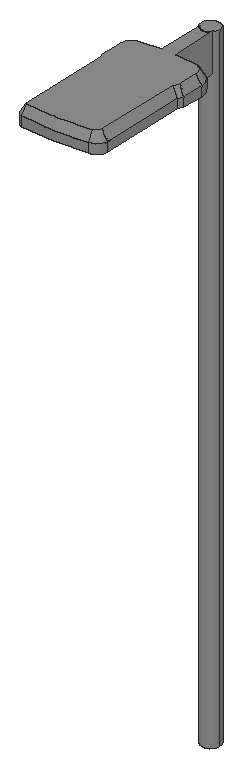
Revit family "VP-3-AD_U", category Lighting Fixtures, host Face, Revit 2019 (continued)
Definition of nested family "SIZE3-ADU"
  Forms (in)
    Extrusion 49, void
      sketch origin (0, 0, 3.625) x (1, 0, 0) y (0, 0, 1)
        loop
          line (-6.85535, 8.24972) -> (-6.85535, 7.97854)
          arc (-6.85535, 7.97854) -> (-0.06712, 6.63595) -> (6.73035, 7.93095) r 18.15382
          line (6.73035, 7.93095) -> (6.73035, 8.20243)
          arc (6.73035, 8.20243) -> (-0.06706, 6.91477) -> (-6.85535, 8.24972) r 18.25
        loop
          line (-6.85535, 7.49972) -> (-6.85535, 7.22854)
          arc (-6.85535, 7.22854) -> (-0.06712, 5.88595) -> (6.73035, 7.18095) r 18.15382
          line (6.73035, 7.18095) -> (6.73035, 7.45243)
          arc (6.73035, 7.45243) -> (-0.06706, 6.16477) -> (-6.85535, 7.49972) r 18.25
      from 1 to 1.75
    Blend 50, solid, material <- "Fixture"
      base sketch origin (0, 0, 0) x (1, 0, 0) y (0, 0, 1)
        loop
          arc (-6.75192, 33.95884) -> (-7.48558, 33.52919) -> (-7.77472, 32.72966) r 1.25
          line (-7.77472, 32.72966) -> (-7.77472, 15.72202) -> (-8.18, 14.67799) -> (-8.18, 10.64521)
          arc (-8.18, 10.64521) -> (-7.52407, 8.68733) -> (-5.82104, 7.51974) r 3.25
          arc (-5.82104, 7.51974) -> (-2.92086, 7.15165) -> (0, 7.02866) r 34.74571
          arc (0, 7.02866) -> (2.92086, 7.15165) -> (5.82104, 7.51974) r 34.74571
          arc (5.82104, 7.51974) -> (7.52407, 8.68733) -> (8.18, 10.64521) r 3.25
          line (8.18, 10.64521) -> (8.18, 14.67799) -> (7.7425, 15.80502) -> (7.7425, 32.05879)
          arc (7.7425, 32.05879) -> (7.16964, 33.45997) -> (5.77922, 34.05846) r 2
          arc (5.77922, 34.05846) -> (-0.48981, 34.44343) -> (-6.75192, 33.95884) r 45.36519
      top sketch origin (0, 0, 0) x (1, 0, 0) y (0, 0, 1)
        loop
          arc (5.71398, 33.05839) -> (-0.43659, 33.4438) -> (-6.58122, 32.97319) r 44.36519
          arc (-6.58122, 32.97319) -> (-6.72046, 32.88519) -> (-6.77472, 32.72966) r 0.25
          line (-6.77472, 32.72966) -> (-6.77472, 15.53474) -> (-7.18, 14.49071) -> (-7.18, 10.64521)
          arc (-7.18, 10.64521) -> (-6.74089, 9.30985) -> (-5.59495, 8.49571) r 2.25
          arc (-5.59495, 8.49571) -> (-2.89422, 8.15301) -> (-0.17465, 8.02912) r 33.74571
          arc (-0.17465, 8.02912) -> (2.72017, 8.13848) -> (5.59495, 8.49571) r 33.74571
          arc (5.59495, 8.49571) -> (6.74089, 9.30985) -> (7.18, 10.64521) r 2.25
          line (7.18, 10.64521) -> (7.18, 14.49071) -> (6.7425, 15.61774) -> (6.7425, 32.05879)
          arc (6.7425, 32.05879) -> (6.43945, 32.77591) -> (5.71398, 33.05839) r 1
      from 0 to -1.74
    Extrusion 51, solid, material <- "Fixture"
      sketch origin (0, 0.02117, 0.62466) x (0, 1, 0) y (0, 0, 1)
        loop
          line (1.71883, 7.93918) -> (-1.76117, 7.93918) -> (-1.76117, 5.73801)
          arc (-1.76117, 5.73801) -> (-1.94242, 4.58628) -> (-2.46863, 3.54588) r 3.75
          line (-2.46863, 3.54588) -> (-5.31007, 1.22439)
          arc (-5.31007, 1.22439) -> (-5.39997, 1.10958) -> (-5.432, 0.96732) r 0.33196
          line (-5.432, 0.96732) -> (-5.432, -1.406) -> (-2.86955, -1.406) -> (1.71883, -1.406) -> (1.71883, 7.93918)
      from -1.24 to 1.24
  Cuts and joins
    Extrusion 3, Extrusion 49 cuts Extrusion 2
    joined: Blend 50, Extrusion 51
  Dimensions and locks (in)
    equal spacing: plane 4, plane 3 "Center (Left/Right)", plane 5
    "Width": plane 4 to plane 5
    "Length": plane 7 to plane 6
    "Mount Length": plane 6 to plane 2
    aligned and locked: plane 2 to Extrusion 1
    aligned and locked: level to Extrusion 1
    aligned and locked: plane 1 "Center (Front/Back)" to Blend 50
  Automatic sketch dimensions
    Extrusion 1 sketch curve to Extrusion 1 sketch curve = 96.00"  (x2)
    Extrusion 2 sketch curve to plane 3 "Center (Left/Right)" = 0.00"
    Extrusion 2 sketch curve to plane 3 "Center (Left/Right)" = 0.12919"
    plane 5 to Extrusion 2 sketch curve = 3.125"
    plane 5 to Extrusion 2 sketch curve = 1.53028"
    plane 5 to Extrusion 2 sketch curve = 0.28028"
    Extrusion 2 sketch curve to plane 5 = 0.125"
    Extrusion 2 sketch curve to plane 4 = 3.125"
    Extrusion 2 sketch curve to plane 4 = 2.3125"
    Extrusion 2 sketch curve to plane 4 = 0.3125"
    plane 4 to Extrusion 2 sketch curve = 0.125"
    Extrusion 2 sketch curve to level = 10.92033"
    plane 6 to Extrusion 2 sketch curve = 3.14521"
    Extrusion 2 sketch curve to Extrusion 2 sketch curve = 0.00"
    Extrusion 2 sketch curve to Extrusion 2 sketch curve = 4.03278"  (x2)
    Extrusion 2 sketch curve to Extrusion 2 sketch curve = 1.04403"
    Extrusion 2 sketch curve to Extrusion 2 sketch curve = 1.12703"
    Extrusion 2 sketch curve to plane 7 = 2.41121"
    Extrusion 2 sketch curve to Extrusion 2 sketch curve = 0.67087"
    plane 7 to Extrusion 2 sketch curve = 7.30438"
    plane 6 to Extrusion 2 sketch curve = 0.01974"
    Extrusion 2 sketch curve to plane 7 = 0.51116"
    plane 5 to Extrusion 3 sketch curve = 1.27892"
    plane 3 "Center (Left/Right)" to Extrusion 3 sketch curve = 0.06506"
    Extrusion 3 sketch curve to plane 4 = 1.125"
    Extrusion 3 sketch curve to level = 39.4018"
    plane 6 to Extrusion 3 sketch curve = 7.63674"
    Extrusion 3 sketch curve to plane 7 = 2.31818"
    plane 5 to Extrusion 4 sketch curve = 2.15013"
    Extrusion 4 sketch curve to Extrusion 4 sketch curve = 0.35"  (x3)
    Extrusion 4 sketch curve to plane 4 = 2.50013"  (x2)
    Extrusion 4 sketch curve to plane 7 = 7.81818"
    Extrusion 4 sketch curve to plane 7 = 2.66818"
    plane 5 to Extrusion 5 sketch curve = 3.08171"
    Extrusion 5 sketch curve to Extrusion 5 sketch curve = 0.00"  (x61)
    Extrusion 5 sketch curve to Extrusion 5 sketch curve = 0.51875"  (x27)
    Extrusion 5 sketch curve to plane 7 = 7.01806"
    Extrusion 5 sketch curve to Extrusion 5 sketch curve = 0.50"  (x72)
    plane 5 to Extrusion 6 sketch curve = 2.39345"
    Extrusion 6 sketch curve to Extrusion 6 sketch curve = 0.25"  (x3)
    Extrusion 6 sketch curve to plane 3 "Center (Left/Right)" = 0.54655"  (x2)
    Extrusion 6 sketch curve to plane 7 = 7.5141"
    Extrusion 6 sketch curve to plane 7 = 2.7641"
    Extrusion 7 sketch curve to plane 4 = 1.99807"
    Extrusion 7 sketch curve to plane 8 = 0.46661"
    Extrusion 7 sketch curve to Extrusion 7 sketch curve = 0.02618"
    Extrusion 7 sketch curve to Extrusion 7 sketch curve = 0.1119"
    Extrusion 7 sketch curve to plane 8 = 0.03691"
    Extrusion 7 sketch curve to Extrusion 7 sketch curve = 0.36056"
    Extrusion 7 sketch curve to plane 8 = 0.00781"
    Extrusion 7 sketch curve to Extrusion 7 sketch curve = 0.06241"
    Extrusion 7 sketch curve to Extrusion 7 sketch curve = 0.42393"
    Extrusion 7 sketch curve to Extrusion 7 sketch curve = 0.73219"
    plane 4 to Extrusion 8 sketch curve = 3.08171"
    Extrusion 8 sketch curve to Extrusion 8 sketch curve = 0.00"  (x61)
    Extrusion 8 sketch curve to Extrusion 8 sketch curve = 0.51875"  (x27)
    plane 7 to Extrusion 8 sketch curve = 7.01806"
    Extrusion 8 sketch curve to Extrusion 8 sketch curve = 0.50"  (x72)
    plane 4 to Extrusion 9 sketch curve = 2.39345"
    Extrusion 9 sketch curve to Extrusion 9 sketch curve = 0.25"  (x3)
    Extrusion 9 sketch curve to plane 3 "Center (Left/Right)" = 0.54655"  (x2)
    plane 7 to Extrusion 9 sketch curve = 7.5141"
    plane 7 to Extrusion 9 sketch curve = 2.7641"
    plane 5 to Extrusion 10 sketch curve = 2.15013"
    Extrusion 10 sketch curve to Extrusion 10 sketch curve = 0.35"  (x3)
    Extrusion 10 sketch curve to plane 4 = 2.50013"  (x2)
    Extrusion 10 sketch curve to plane 7 = 13.31818"
    Extrusion 10 sketch curve to Extrusion 10 sketch curve = 4.80"
    plane 5 to Extrusion 11 sketch curve = 3.08171"
    Extrusion 11 sketch curve to Extrusion 11 sketch curve = 0.00"  (x61)
    Extrusion 11 sketch curve to Extrusion 11 sketch curve = 0.51875"  (x27)
    Extrusion 11 sketch curve to plane 7 = 12.51806"
    Extrusion 11 sketch curve to Extrusion 11 sketch curve = 0.50"  (x72)
    plane 5 to Extrusion 12 sketch curve = 2.39345"
    Extrusion 12 sketch curve to Extrusion 12 sketch curve = 0.25"  (x3)
    Extrusion 12 sketch curve to plane 3 "Center (Left/Right)" = 0.54655"  (x2)
    Extrusion 12 sketch curve to plane 7 = 13.0141"
    Extrusion 12 sketch curve to Extrusion 12 sketch curve = 4.50"
    plane 4 to Extrusion 13 sketch curve = 3.08171"
    Extrusion 13 sketch curve to Extrusion 13 sketch curve = 0.00"  (x61)
    Extrusion 13 sketch curve to Extrusion 13 sketch curve = 0.51875"  (x27)
    plane 7 to Extrusion 13 sketch curve = 12.51806"
    Extrusion 13 sketch curve to Extrusion 13 sketch curve = 0.50"  (x72)
    plane 4 to Extrusion 14 sketch curve = 2.39345"
    Extrusion 14 sketch curve to Extrusion 14 sketch curve = 0.25"  (x3)
    Extrusion 14 sketch curve to plane 3 "Center (Left/Right)" = 0.54655"  (x2)
    plane 7 to Extrusion 14 sketch curve = 13.0141"
    Extrusion 14 sketch curve to Extrusion 14 sketch curve = 4.50"
    Extrusion 15 sketch curve to plane 5 = 2.15013"
    Extrusion 15 sketch curve to Extrusion 15 sketch curve = 0.35"  (x3)
    plane 4 to Extrusion 15 sketch curve = 2.50013"  (x2)
    plane 7 to Extrusion 15 sketch curve = 13.31818"
    Extrusion 15 sketch curve to Extrusion 15 sketch curve = 4.80"
    Extrusion 16 sketch curve to plane 5 = 3.08171"
    Extrusion 16 sketch curve to Extrusion 16 sketch curve = 0.00"  (x61)
    Extrusion 16 sketch curve to Extrusion 16 sketch curve = 0.51875"  (x27)
    Extrusion 16 sketch curve to plane 6 = 12.8517"
    Extrusion 16 sketch curve to Extrusion 16 sketch curve = 0.50"  (x72)
    Extrusion 17 sketch curve to plane 5 = 2.39345"
    Extrusion 17 sketch curve to Extrusion 17 sketch curve = 0.25"  (x3)
    plane 3 "Center (Left/Right)" to Extrusion 17 sketch curve = 0.54655"  (x2)
    Extrusion 17 sketch curve to plane 6 = 13.34775"
    Extrusion 17 sketch curve to Extrusion 17 sketch curve = 4.50"
    Extrusion 18 sketch curve to plane 4 = 3.08171"
    Extrusion 18 sketch curve to Extrusion 18 sketch curve = 0.00"  (x61)
    Extrusion 18 sketch curve to Extrusion 18 sketch curve = 0.51875"  (x27)
    plane 6 to Extrusion 18 sketch curve = 12.8517"
    Extrusion 18 sketch curve to Extrusion 18 sketch curve = 0.50"  (x72)
    Extrusion 19 sketch curve to plane 4 = 2.39345"
    Extrusion 19 sketch curve to Extrusion 19 sketch curve = 0.25"  (x3)
    plane 3 "Center (Left/Right)" to Extrusion 19 sketch curve = 0.54655"  (x2)
    plane 6 to Extrusion 19 sketch curve = 13.34775"
    Extrusion 19 sketch curve to Extrusion 19 sketch curve = 4.50"
    Extrusion 20 sketch curve to plane 4 = 1.99807"
    Extrusion 20 sketch curve to plane 8 = 0.46661"
    Extrusion 20 sketch curve to Extrusion 20 sketch curve = 0.02618"
    Extrusion 20 sketch curve to Extrusion 20 sketch curve = 0.1119"
    Extrusion 20 sketch curve to plane 8 = 0.03691"
    Extrusion 20 sketch curve to Extrusion 20 sketch curve = 0.36056"
    Extrusion 20 sketch curve to plane 8 = 0.00781"
    Extrusion 20 sketch curve to Extrusion 20 sketch curve = 0.06241"
    Extrusion 20 sketch curve to Extrusion 20 sketch curve = 0.42393"
    Extrusion 20 sketch curve to Extrusion 20 sketch curve = 0.73219"
    Extrusion 21 sketch curve to plane 4 = 1.99807"
    Extrusion 21 sketch curve to plane 8 = 0.46661"
    Extrusion 21 sketch curve to Extrusion 21 sketch curve = 0.02618"
    Extrusion 21 sketch curve to Extrusion 21 sketch curve = 0.1119"
    Extrusion 21 sketch curve to plane 8 = 0.03691"
    Extrusion 21 sketch curve to Extrusion 21 sketch curve = 0.36056"
    Extrusion 21 sketch curve to plane 8 = 0.00781"
    Extrusion 21 sketch curve to Extrusion 21 sketch curve = 0.06241"
    Extrusion 21 sketch curve to Extrusion 21 sketch curve = 0.42393"
    Extrusion 21 sketch curve to Extrusion 21 sketch curve = 0.73219"
    Extrusion 22 sketch curve to plane 4 = 1.99807"
    Extrusion 22 sketch curve to plane 8 = 0.46661"
    Extrusion 22 sketch curve to Extrusion 22 sketch curve = 0.02618"
    Extrusion 22 sketch curve to Extrusion 22 sketch curve = 0.1119"
    Extrusion 22 sketch curve to plane 8 = 0.03691"
    Extrusion 22 sketch curve to Extrusion 22 sketch curve = 0.36056"
    Extrusion 22 sketch curve to plane 8 = 0.00781"
    Extrusion 22 sketch curve to Extrusion 22 sketch curve = 0.06241"
    Extrusion 22 sketch curve to Extrusion 22 sketch curve = 0.42393"
    Extrusion 22 sketch curve to Extrusion 22 sketch curve = 0.73219"
    Extrusion 23 sketch curve to plane 4 = 1.99807"
    Extrusion 23 sketch curve to plane 8 = 0.46661"
    Extrusion 23 sketch curve to Extrusion 23 sketch curve = 0.02618"
    Extrusion 23 sketch curve to Extrusion 23 sketch curve = 0.1119"
    Extrusion 23 sketch curve to plane 8 = 0.03691"
    Extrusion 23 sketch curve to Extrusion 23 sketch curve = 0.36056"
    Extrusion 23 sketch curve to plane 8 = 0.00781"
    Extrusion 23 sketch curve to Extrusion 23 sketch curve = 0.06241"
    Extrusion 23 sketch curve to Extrusion 23 sketch curve = 0.42393"
    Extrusion 23 sketch curve to Extrusion 23 sketch curve = 0.73219"
    Extrusion 24 sketch curve to plane 4 = 1.99807"
    Extrusion 24 sketch curve to plane 8 = 0.46661"
    Extrusion 24 sketch curve to Extrusion 24 sketch curve = 0.02618"
    Extrusion 24 sketch curve to Extrusion 24 sketch curve = 0.1119"
    Extrusion 24 sketch curve to plane 8 = 0.03691"
    Extrusion 24 sketch curve to Extrusion 24 sketch curve = 0.36056"
    Extrusion 24 sketch curve to plane 8 = 0.00781"
    Extrusion 24 sketch curve to Extrusion 24 sketch curve = 0.06241"
    Extrusion 24 sketch curve to Extrusion 24 sketch curve = 0.42393"
    Extrusion 24 sketch curve to Extrusion 24 sketch curve = 0.73219"
    Extrusion 25 sketch curve to plane 4 = 1.99807"
    Extrusion 25 sketch curve to plane 8 = 0.46661"
    Extrusion 25 sketch curve to Extrusion 25 sketch curve = 0.02618"
    Extrusion 25 sketch curve to Extrusion 25 sketch curve = 0.1119"
    Extrusion 25 sketch curve to plane 8 = 0.03691"
    Extrusion 25 sketch curve to Extrusion 25 sketch curve = 0.36056"
    Extrusion 25 sketch curve to plane 8 = 0.00781"
    Extrusion 25 sketch curve to Extrusion 25 sketch curve = 0.06241"
    Extrusion 25 sketch curve to Extrusion 25 sketch curve = 0.42393"
    Extrusion 25 sketch curve to Extrusion 25 sketch curve = 0.73219"
    Extrusion 26 sketch curve to plane 4 = 1.99807"
    Extrusion 26 sketch curve to plane 8 = 0.46661"
    Extrusion 26 sketch curve to Extrusion 26 sketch curve = 0.02618"
    Extrusion 26 sketch curve to Extrusion 26 sketch curve = 0.1119"
    Extrusion 26 sketch curve to plane 8 = 0.03691"
    Extrusion 26 sketch curve to Extrusion 26 sketch curve = 0.36056"
    Extrusion 26 sketch curve to plane 8 = 0.00781"
    Extrusion 26 sketch curve to Extrusion 26 sketch curve = 0.06241"
    Extrusion 26 sketch curve to Extrusion 26 sketch curve = 0.42393"
    Extrusion 26 sketch curve to Extrusion 26 sketch curve = 0.73219"
    Extrusion 27 sketch curve to plane 4 = 1.99807"
    Extrusion 27 sketch curve to plane 8 = 0.46661"
    Extrusion 27 sketch curve to Extrusion 27 sketch curve = 0.02618"
    Extrusion 27 sketch curve to Extrusion 27 sketch curve = 0.1119"
    Extrusion 27 sketch curve to plane 8 = 0.03691"
    Extrusion 27 sketch curve to Extrusion 27 sketch curve = 0.36056"
    Extrusion 27 sketch curve to plane 8 = 0.00781"
    Extrusion 27 sketch curve to Extrusion 27 sketch curve = 0.06241"
    Extrusion 27 sketch curve to Extrusion 27 sketch curve = 0.42393"
    Extrusion 27 sketch curve to Extrusion 27 sketch curve = 0.73219"
    Extrusion 28 sketch curve to plane 4 = 1.99807"
    Extrusion 28 sketch curve to plane 8 = 0.46661"
    Extrusion 28 sketch curve to Extrusion 28 sketch curve = 0.02618"
    Extrusion 28 sketch curve to Extrusion 28 sketch curve = 0.1119"
    Extrusion 28 sketch curve to plane 8 = 0.03691"
    Extrusion 28 sketch curve to Extrusion 28 sketch curve = 0.36056"
    Extrusion 28 sketch curve to plane 8 = 0.00781"
    Extrusion 28 sketch curve to Extrusion 28 sketch curve = 0.06241"
    Extrusion 28 sketch curve to Extrusion 28 sketch curve = 0.42393"
    Extrusion 28 sketch curve to Extrusion 28 sketch curve = 0.73219"
    Extrusion 29 sketch curve to plane 4 = 1.99807"
    Extrusion 29 sketch curve to plane 8 = 0.46661"
    Extrusion 29 sketch curve to Extrusion 29 sketch curve = 0.02618"
    Extrusion 29 sketch curve to Extrusion 29 sketch curve = 0.1119"
    Extrusion 29 sketch curve to plane 8 = 0.03691"
    Extrusion 29 sketch curve to Extrusion 29 sketch curve = 0.36056"
    Extrusion 29 sketch curve to plane 8 = 0.00781"
    Extrusion 29 sketch curve to Extrusion 29 sketch curve = 0.06241"
    Extrusion 29 sketch curve to Extrusion 29 sketch curve = 0.42393"
    Extrusion 29 sketch curve to Extrusion 29 sketch curve = 0.73219"
    Extrusion 30 sketch curve to plane 4 = 1.99807"
    Extrusion 30 sketch curve to plane 8 = 0.46661"
    Extrusion 30 sketch curve to Extrusion 30 sketch curve = 0.02618"
    Extrusion 30 sketch curve to Extrusion 30 sketch curve = 0.1119"
    Extrusion 30 sketch curve to plane 8 = 0.03691"
    Extrusion 30 sketch curve to Extrusion 30 sketch curve = 0.36056"
    Extrusion 30 sketch curve to plane 8 = 0.00781"
    Extrusion 30 sketch curve to Extrusion 30 sketch curve = 0.06241"
    Extrusion 30 sketch curve to Extrusion 30 sketch curve = 0.42393"
    Extrusion 30 sketch curve to Extrusion 30 sketch curve = 0.73219"
    Extrusion 31 sketch curve to plane 4 = 1.99807"
    Extrusion 31 sketch curve to plane 8 = 0.46661"
    Extrusion 31 sketch curve to Extrusion 31 sketch curve = 0.02618"
    Extrusion 31 sketch curve to Extrusion 31 sketch curve = 0.1119"
    Extrusion 31 sketch curve to plane 8 = 0.03691"
    Extrusion 31 sketch curve to Extrusion 31 sketch curve = 0.36056"
    Extrusion 31 sketch curve to plane 8 = 0.00781"
    Extrusion 31 sketch curve to Extrusion 31 sketch curve = 0.06241"
    Extrusion 31 sketch curve to Extrusion 31 sketch curve = 0.42393"
    Extrusion 31 sketch curve to Extrusion 31 sketch curve = 0.73219"
    Extrusion 32 sketch curve to plane 4 = 1.99807"
    Extrusion 32 sketch curve to plane 8 = 0.46661"
    Extrusion 32 sketch curve to Extrusion 32 sketch curve = 0.02618"
    Extrusion 32 sketch curve to Extrusion 32 sketch curve = 0.1119"
    Extrusion 32 sketch curve to plane 8 = 0.03691"
    Extrusion 32 sketch curve to Extrusion 32 sketch curve = 0.36056"
    Extrusion 32 sketch curve to plane 8 = 0.00781"
    Extrusion 32 sketch curve to Extrusion 32 sketch curve = 0.06241"
    Extrusion 32 sketch curve to Extrusion 32 sketch curve = 0.42393"
    Extrusion 32 sketch curve to Extrusion 32 sketch curve = 0.73219"
    Extrusion 33 sketch curve to plane 4 = 1.99807"
    Extrusion 33 sketch curve to plane 8 = 0.46661"
    Extrusion 33 sketch curve to Extrusion 33 sketch curve = 0.02618"
    Extrusion 33 sketch curve to Extrusion 33 sketch curve = 0.1119"
    Extrusion 33 sketch curve to plane 8 = 0.03691"
    Extrusion 33 sketch curve to Extrusion 33 sketch curve = 0.36056"
    Extrusion 33 sketch curve to plane 8 = 0.00781"
    Extrusion 33 sketch curve to Extrusion 33 sketch curve = 0.06241"
    Extrusion 33 sketch curve to Extrusion 33 sketch curve = 0.42393"
    Extrusion 33 sketch curve to Extrusion 33 sketch curve = 0.73219"
    plane 5 to Extrusion 34 sketch curve = 2.1387"
    Extrusion 34 sketch curve to plane 8 = 0.46661"
    Extrusion 34 sketch curve to Extrusion 34 sketch curve = 0.02618"
    Extrusion 34 sketch curve to Extrusion 34 sketch curve = 0.1119"
    Extrusion 34 sketch curve to plane 8 = 0.03691"
    Extrusion 34 sketch curve to Extrusion 34 sketch curve = 0.36056"
    Extrusion 34 sketch curve to plane 8 = 0.00781"
    Extrusion 34 sketch curve to Extrusion 34 sketch curve = 0.06241"
    Extrusion 34 sketch curve to Extrusion 34 sketch curve = 0.42393"
    Extrusion 34 sketch curve to Extrusion 34 sketch curve = 0.20146"
    plane 5 to Extrusion 35 sketch curve = 2.1387"
    Extrusion 35 sketch curve to plane 8 = 0.46661"
    Extrusion 35 sketch curve to Extrusion 35 sketch curve = 0.02618"
    Extrusion 35 sketch curve to Extrusion 35 sketch curve = 0.1119"
    Extrusion 35 sketch curve to plane 8 = 0.03691"
    Extrusion 35 sketch curve to Extrusion 35 sketch curve = 0.36056"
    Extrusion 35 sketch curve to plane 8 = 0.00781"
    Extrusion 35 sketch curve to Extrusion 35 sketch curve = 0.06241"
    Extrusion 35 sketch curve to Extrusion 35 sketch curve = 0.42393"
    Extrusion 35 sketch curve to Extrusion 35 sketch curve = 0.20146"
    plane 5 to Extrusion 36 sketch curve = 2.1387"
    Extrusion 36 sketch curve to plane 8 = 0.46661"
    Extrusion 36 sketch curve to Extrusion 36 sketch curve = 0.02618"
    Extrusion 36 sketch curve to Extrusion 36 sketch curve = 0.1119"
    Extrusion 36 sketch curve to plane 8 = 0.03691"
    Extrusion 36 sketch curve to Extrusion 36 sketch curve = 0.36056"
    Extrusion 36 sketch curve to plane 8 = 0.00781"
    Extrusion 36 sketch curve to Extrusion 36 sketch curve = 0.06241"
    Extrusion 36 sketch curve to Extrusion 36 sketch curve = 0.42393"
    Extrusion 36 sketch curve to Extrusion 36 sketch curve = 0.20146"
    plane 5 to Extrusion 37 sketch curve = 2.1387"
    Extrusion 37 sketch curve to plane 8 = 0.46661"
    Extrusion 37 sketch curve to Extrusion 37 sketch curve = 0.02618"
    Extrusion 37 sketch curve to Extrusion 37 sketch curve = 0.1119"
    Extrusion 37 sketch curve to plane 8 = 0.03691"
    Extrusion 37 sketch curve to Extrusion 37 sketch curve = 0.36056"
    Extrusion 37 sketch curve to plane 8 = 0.00781"
    Extrusion 37 sketch curve to Extrusion 37 sketch curve = 0.06241"
    Extrusion 37 sketch curve to Extrusion 37 sketch curve = 0.42393"
    Extrusion 37 sketch curve to Extrusion 37 sketch curve = 0.20146"
    plane 5 to Extrusion 38 sketch curve = 2.1387"
    Extrusion 38 sketch curve to plane 8 = 0.46661"
    Extrusion 38 sketch curve to Extrusion 38 sketch curve = 0.02618"
    Extrusion 38 sketch curve to Extrusion 38 sketch curve = 0.1119"
    Extrusion 38 sketch curve to plane 8 = 0.03691"
    Extrusion 38 sketch curve to Extrusion 38 sketch curve = 0.36056"
    Extrusion 38 sketch curve to plane 8 = 0.00781"
    Extrusion 38 sketch curve to Extrusion 38 sketch curve = 0.06241"
    Extrusion 38 sketch curve to Extrusion 38 sketch curve = 0.42393"
    Extrusion 38 sketch curve to Extrusion 38 sketch curve = 0.20146"
    plane 5 to Extrusion 39 sketch curve = 2.1387"
    Extrusion 39 sketch curve to plane 8 = 0.46661"
    Extrusion 39 sketch curve to Extrusion 39 sketch curve = 0.02618"
    Extrusion 39 sketch curve to Extrusion 39 sketch curve = 0.1119"
    Extrusion 39 sketch curve to plane 8 = 0.03691"
    Extrusion 39 sketch curve to Extrusion 39 sketch curve = 0.36056"
    Extrusion 39 sketch curve to plane 8 = 0.00781"
    Extrusion 39 sketch curve to Extrusion 39 sketch curve = 0.06241"
    Extrusion 39 sketch curve to Extrusion 39 sketch curve = 0.42393"
    Extrusion 39 sketch curve to Extrusion 39 sketch curve = 0.20146"
    plane 5 to Extrusion 40 sketch curve = 2.1387"
    Extrusion 40 sketch curve to plane 8 = 0.46661"
    Extrusion 40 sketch curve to Extrusion 40 sketch curve = 0.02618"
    Extrusion 40 sketch curve to Extrusion 40 sketch curve = 0.1119"
    Extrusion 40 sketch curve to plane 8 = 0.03691"
    Extrusion 40 sketch curve to Extrusion 40 sketch curve = 0.36056"
    Extrusion 40 sketch curve to plane 8 = 0.00781"
    Extrusion 40 sketch curve to Extrusion 40 sketch curve = 0.06241"
    Extrusion 40 sketch curve to Extrusion 40 sketch curve = 0.42393"
    Extrusion 40 sketch curve to Extrusion 40 sketch curve = 0.20146"
    plane 5 to Extrusion 41 sketch curve = 2.1387"
    Extrusion 41 sketch curve to plane 8 = 0.46661"
    Extrusion 41 sketch curve to Extrusion 41 sketch curve = 0.02618"
    Extrusion 41 sketch curve to Extrusion 41 sketch curve = 0.1119"
    Extrusion 41 sketch curve to plane 8 = 0.03691"
    Extrusion 41 sketch curve to Extrusion 41 sketch curve = 0.36056"
    Extrusion 41 sketch curve to plane 8 = 0.00781"
    Extrusion 41 sketch curve to Extrusion 41 sketch curve = 0.06241"
    Extrusion 41 sketch curve to Extrusion 41 sketch curve = 0.42393"
    Extrusion 41 sketch curve to Extrusion 41 sketch curve = 0.20146"
    plane 5 to Extrusion 42 sketch curve = 2.1387"
    Extrusion 42 sketch curve to plane 8 = 0.46661"
    Extrusion 42 sketch curve to Extrusion 42 sketch curve = 0.02618"
    Extrusion 42 sketch curve to Extrusion 42 sketch curve = 0.1119"
    Extrusion 42 sketch curve to plane 8 = 0.03691"
    Extrusion 42 sketch curve to Extrusion 42 sketch curve = 0.36056"
    Extrusion 42 sketch curve to plane 8 = 0.00781"
    Extrusion 42 sketch curve to Extrusion 42 sketch curve = 0.06241"
    Extrusion 42 sketch curve to Extrusion 42 sketch curve = 0.42393"
    Extrusion 42 sketch curve to Extrusion 42 sketch curve = 0.20146"
    plane 5 to Extrusion 43 sketch curve = 2.1387"
    Extrusion 43 sketch curve to plane 8 = 0.46661"
    Extrusion 43 sketch curve to Extrusion 43 sketch curve = 0.02618"
    Extrusion 43 sketch curve to Extrusion 43 sketch curve = 0.1119"
    Extrusion 43 sketch curve to plane 8 = 0.03691"
    Extrusion 43 sketch curve to Extrusion 43 sketch curve = 0.36056"
    Extrusion 43 sketch curve to plane 8 = 0.00781"
    Extrusion 43 sketch curve to Extrusion 43 sketch curve = 0.06241"
    Extrusion 43 sketch curve to Extrusion 43 sketch curve = 0.42393"
    Extrusion 43 sketch curve to Extrusion 43 sketch curve = 0.20146"
    plane 5 to Extrusion 44 sketch curve = 2.1387"
    Extrusion 44 sketch curve to plane 8 = 0.46661"
    Extrusion 44 sketch curve to Extrusion 44 sketch curve = 0.02618"
    Extrusion 44 sketch curve to Extrusion 44 sketch curve = 0.1119"
    Extrusion 44 sketch curve to plane 8 = 0.03691"
    Extrusion 44 sketch curve to Extrusion 44 sketch curve = 0.36056"
    Extrusion 44 sketch curve to plane 8 = 0.00781"
    Extrusion 44 sketch curve to Extrusion 44 sketch curve = 0.06241"
    Extrusion 44 sketch curve to Extrusion 44 sketch curve = 0.42393"
    Extrusion 44 sketch curve to Extrusion 44 sketch curve = 0.20146"
    plane 5 to Extrusion 45 sketch curve = 2.1387"
    Extrusion 45 sketch curve to plane 8 = 0.46661"
    Extrusion 45 sketch curve to Extrusion 45 sketch curve = 0.02618"
    Extrusion 45 sketch curve to Extrusion 45 sketch curve = 0.1119"
    Extrusion 45 sketch curve to plane 8 = 0.03691"
    Extrusion 45 sketch curve to Extrusion 45 sketch curve = 0.36056"
    Extrusion 45 sketch curve to plane 8 = 0.00781"
    Extrusion 45 sketch curve to Extrusion 45 sketch curve = 0.06241"
    Extrusion 45 sketch curve to Extrusion 45 sketch curve = 0.42393"
    Extrusion 45 sketch curve to Extrusion 45 sketch curve = 0.20146"
    plane 5 to Extrusion 46 sketch curve = 2.1387"
    Extrusion 46 sketch curve to plane 8 = 0.46661"
    Extrusion 46 sketch curve to Extrusion 46 sketch curve = 0.02618"
    Extrusion 46 sketch curve to Extrusion 46 sketch curve = 0.1119"
    Extrusion 46 sketch curve to plane 8 = 0.03691"
    Extrusion 46 sketch curve to Extrusion 46 sketch curve = 0.36056"
    Extrusion 46 sketch curve to plane 8 = 0.00781"
    Extrusion 46 sketch curve to Extrusion 46 sketch curve = 0.06241"
    Extrusion 46 sketch curve to Extrusion 46 sketch curve = 0.42393"
    Extrusion 46 sketch curve to Extrusion 46 sketch curve = 0.20146"
    plane 5 to Extrusion 47 sketch curve = 2.1387"
    Extrusion 47 sketch curve to plane 8 = 0.46661"
    Extrusion 47 sketch curve to Extrusion 47 sketch curve = 0.02618"
    Extrusion 47 sketch curve to Extrusion 47 sketch curve = 0.1119"
    Extrusion 47 sketch curve to plane 8 = 0.03691"
    Extrusion 47 sketch curve to Extrusion 47 sketch curve = 0.36056"
    Extrusion 47 sketch curve to plane 8 = 0.00781"
    Extrusion 47 sketch curve to Extrusion 47 sketch curve = 0.06241"
    Extrusion 47 sketch curve to Extrusion 47 sketch curve = 0.42393"
    Extrusion 47 sketch curve to Extrusion 47 sketch curve = 0.20146"
    plane 5 to Extrusion 48 sketch curve = 2.1387"
    Extrusion 48 sketch curve to plane 8 = 0.46661"
    Extrusion 48 sketch curve to Extrusion 48 sketch curve = 0.02618"
    Extrusion 48 sketch curve to Extrusion 48 sketch curve = 0.1119"
    Extrusion 48 sketch curve to plane 8 = 0.03691"
    Extrusion 48 sketch curve to Extrusion 48 sketch curve = 0.36056"
    Extrusion 48 sketch curve to plane 8 = 0.00781"
    Extrusion 48 sketch curve to Extrusion 48 sketch curve = 0.06241"
    Extrusion 48 sketch curve to Extrusion 48 sketch curve = 0.42393"
    Extrusion 48 sketch curve to Extrusion 48 sketch curve = 0.20146"
    plane 5 to Extrusion 49 sketch curve = 1.10793"
    Extrusion 49 sketch curve to Extrusion 49 sketch curve = 0.09172"
    Extrusion 49 sketch curve to Extrusion 49 sketch curve = 0.00"  (x2)
    Extrusion 49 sketch curve to plane 3 "Center (Left/Right)" = 0.00354"  (x6)
    Extrusion 49 sketch curve to plane 4 = 1.32465"
    Extrusion 49 sketch curve to Extrusion 49 sketch curve = 0.08465"
    plane 6 to Extrusion 49 sketch curve = 3.35354"
    level to Extrusion 49 sketch curve = 10.80595"
    Extrusion 49 sketch curve to Extrusion 49 sketch curve = 0.27118"  (x2)
    Extrusion 49 sketch curve to Extrusion 49 sketch curve = 0.27147"  (x2)
    Extrusion 49 sketch curve to Extrusion 49 sketch curve = 0.47882"
    Extrusion 49 sketch curve to Extrusion 49 sketch curve = 0.47853"
    Extrusion 49 sketch curve to Extrusion 49 sketch curve = 1.01649"
    Extrusion 49 sketch curve to Extrusion 49 sketch curve = 1.00"  (x2)
    Extrusion 49 sketch curve to Extrusion 49 sketch curve = 0.875"
    Blend 50 sketch curve to Blend 50 sketch curve = 0.00"  (x3)
    Blend 50 sketch curve to plane 3 "Center (Left/Right)" = 0.00"  (x2)
    Blend 50 sketch curve to plane 3 "Center (Left/Right)" = 0.12919"  (x2)
    plane 5 to Blend 50 sketch curve = 3.125"
    plane 5 to Blend 50 sketch curve = 1.53028"  (x2)
    plane 5 to Blend 50 sketch curve = 0.28028"
    Blend 50 sketch curve to plane 5 = 0.125"
    Blend 50 sketch curve to plane 4 = 3.125"
    Blend 50 sketch curve to plane 4 = 2.3125"  (x2)
    Blend 50 sketch curve to plane 4 = 0.3125"
    plane 4 to Blend 50 sketch curve = 0.125"
    Blend 50 sketch curve to level = 10.92033"  (x2)
    Blend 50 sketch curve to Blend 50 sketch curve = 4.03278"  (x2)
    Blend 50 sketch curve to Blend 50 sketch curve = 1.04403"  (x2)
    Blend 50 sketch curve to Blend 50 sketch curve = 1.12703"  (x2)
    Blend 50 sketch curve to plane 7 = 2.41121"  (x2)
    Blend 50 sketch curve to Blend 50 sketch curve = 0.67087"  (x2)
    Blend 50 sketch curve to plane 7 = 0.51116"
    plane 6 to Blend 50 sketch curve = 3.14521"  (x2)
    plane 6 to Blend 50 sketch curve = 0.01974"  (x2)
    Blend 50 sketch curve to plane 6 = 0.47134"
    Blend 50 sketch curve to Blend 50 sketch curve = 0.25"
    plane 5 to Blend 50 sketch curve = 0.875"
    Blend 50 sketch curve to Blend 50 sketch curve = 1.00"
    Blend 50 sketch curve to plane 4 = 0.875"
    Blend 50 sketch curve to Blend 50 sketch curve = 3.8455"  (x2)
    Blend 50 sketch curve to Blend 50 sketch curve = 0.0565"
    Blend 50 sketch curve to Blend 50 sketch curve = 2.25"  (x2)
    plane 6 to Blend 50 sketch curve = 0.99571"  (x2)
    plane 6 to Blend 50 sketch curve = 0.52912"
    Blend 50 sketch curve to plane 3 "Center (Left/Right)" = 0.17465"
    Extrusion 51 sketch curve to plane 6 = 1.13733"
    plane 8 to Extrusion 51 sketch curve = 3.75"
    Extrusion 51 sketch curve to level = 0.78134"
    plane 8 to Extrusion 51 sketch curve = 3.67082"
    level to Extrusion 51 sketch curve = 1.84906"
    Extrusion 51 sketch curve to Extrusion 51 sketch curve = 0.12193"
    Extrusion 51 sketch curve to Extrusion 51 sketch curve = 0.33196"
    plane 8 to Extrusion 51 sketch curve = 1.10838"
    plane 8 to Extrusion 51 sketch curve = 0.70746"
    Extrusion 51 sketch curve to plane 8 = 0.00"
    Extrusion 51 sketch curve to plane 9 = 0.00"
    plane 6 to Extrusion 51 sketch curve = 1.06384"
    radius of Extrusion 5 sketch curve = 0.15"  (x81)
    radius of Extrusion 8 sketch curve = 0.15"  (x81)
    radius of Extrusion 11 sketch curve = 0.15"  (x81)
    radius of Extrusion 13 sketch curve = 0.15"  (x81)
    radius of Extrusion 16 sketch curve = 0.15"  (x81)
    radius of Extrusion 18 sketch curve = 0.15"  (x81)
Types (4): name | Pole Radius | Mounting Block Size | Model | Pole Size
  (no name) | 1.75" | 2.50" | "VP-3-AD3U" | 3.50"
  VP-3-AD3U | 1.75" | 2.50" | "VP-3-AD3U" | 3.50"
  VP-3-AD4U | 2.09" | 3.18" | "VP-3-AD4U" | 4.18"
  VP-3-AD5U | 2.75" | 4.50" | "VP-1-AD5U" | 5.50"
